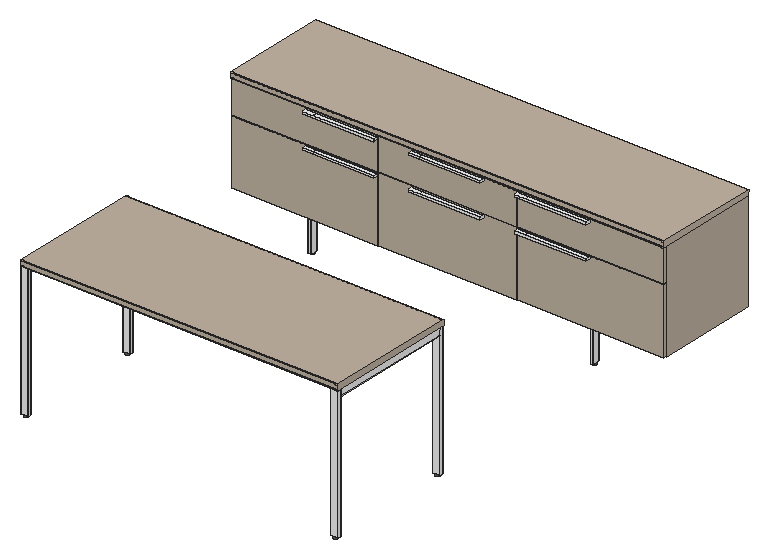
Revit family "FLT013", category Furniture, Revit 2015 (continued)
Definition of nested family "JSI-Flux- File_Strg_Crdnz_Fls_Lg"
  Automatic sketch dimensions
    plane 9 to curve 13 = 0' - 0"
    Extrusion 22 sketch curve to Extrusion 22 sketch curve = 0' - 6 11/16"
    Extrusion 24 sketch curve to Extrusion 24 sketch curve = 0' - 6 11/16"
    Extrusion 26 sketch curve to Extrusion 26 sketch curve = 1' - 6"
  Nested families (in)
    nested 1: "Bar Pull C_Long" at (-14.35519, -11.125, 27.48438), visible <- "L_Pull", Pull Finish <- "Pull Finish", Pull Lines <- "L_Pull", type "PL"
      with Pull Lines no, Pull Finish none
    nested 2: "Bar Pull C_Long" at (-14.35519, -11.125, 20.67188), visible <- "L_Pull", Pull Finish <- "Pull Finish", Pull Lines <- "L_Pull", type "PL"
      with Pull Lines no, Pull Finish none
    nested 3: "Bar Pull C_Long" at (8.69374, -11.125, 27.48438), visible <- "C_Pull", Pull Finish <- "Pull Finish", Pull Lines <- "C_Pull", type "PL"
      with Pull Lines no, Pull Finish none
    nested 4: "Bar Pull C_Long" at (8.69374, -11.125, 20.67188), visible <- "C_Pull", Pull Finish <- "Pull Finish", Pull Lines <- "C_Pull", type "PL"
      with Pull Lines no, Pull Finish none
    nested 5: "Bar Pull C_Long" at (31.74267, -11.125, 27.48438), visible <- "R_Pull", Pull Finish <- "Pull Finish", Pull Lines <- "R_Pull", type "PL"
      with Pull Lines no, Pull Finish none
    nested 6: "Bar Pull C_Long" at (31.74267, -11.125, 20.67188), visible <- "R_Pull", Pull Finish <- "Pull Finish", Pull Lines <- "R_Pull", type "PL"
      with Pull Lines no, Pull Finish none
    nested 7: "Label 1-16" at (11.93587, -11.25, 0), type "DRWCFG"
    nested 8: "LEGS" at (-19.99122, 10.6875, 0), LEGS <- "Legs", GLIDES <- "Glides", Width <- "Leg Width", Depth <- "Leg Depth", type "LG"
      with Width 5' - 3.85417", LG yes, LEGS none, GLIDES none, Depth 1' - 9 1/16"
  Definition of nested family "Bar Pull C_Long"
    Parameters
      Stud = Long Pull Width / 7  # 0' - 2.12261"
      Pull Lines [instance] = yes
      Long Pull Width = 1' - 2.85827"
      Pull Finish [instance] = none
    Reference planes (in)
      plane 1 "Center Front/Back": y = 0
      plane 2: z = 0
      plane 3 "Center Left/Right": x = 3.24213
      plane 4: y = -0.125
    Forms (in)
      Extrusion 1, solid, material <- "Pull Finish"
        sketch origin (0, 0, 0) x (1, 0, 0) y (0, 1, 0)
          loop
            line (-4.18701, 0) -> (-4.18701, -0.85113)
            arc (-4.18701, -0.85113) -> (-4.15955, -0.91742) -> (-4.09326, -0.94488) r 0.09375
            line (-4.09326, -0.94488) -> (10.59252, -0.94488)
            arc (10.59252, -0.94488) -> (10.6482, -0.92182) -> (10.67126, -0.86614) r 0.07874
            line (10.67126, -0.86614) -> (10.67126, 0) -> (8.54865, 0) -> (8.54865, -0.70177)
            arc (8.54865, -0.70177) -> (8.51204, -0.79016) -> (8.42365, -0.82677) r 0.125
            line (8.42365, -0.82677) -> (-1.9394, -0.82677)
            arc (-1.9394, -0.82677) -> (-2.02779, -0.79016) -> (-2.0644, -0.70177) r 0.125
            line (-2.0644, -0.70177) -> (-2.0644, 0) -> (-4.18701, 0)
        from -0.43307 to -0.11811
      Extrusion 2, solid, material <- "Pull Finish"
        sketch origin (0, 0, 0) x (1, 0, 0) y (0, 1, 0)
          loop
            line (-4.18701, 0) -> (-4.18701, -0.85113)
            arc (-4.18701, -0.85113) -> (-4.15955, -0.91742) -> (-4.09326, -0.94488) r 0.09375
            line (-4.09326, -0.94488) -> (10.59252, -0.94488)
            arc (10.59252, -0.94488) -> (10.6482, -0.92182) -> (10.67126, -0.86614) r 0.07874
            line (10.67126, -0.86614) -> (10.67126, 0) -> (-4.18701, 0)
        from 0 to -0.11811
    Cuts and joins
      joined: Extrusion 1, Extrusion 2
    Lines and regions (in)
      symbolic lines, visible <- "Pull Lines"
        curve 1: line (-4.18701, -0.125, 0) -> (-4.18701, -0.85113, 0)
        curve 2: line (-4.09326, -0.94488, 0) -> (10.59252, -0.94488, 0)
        curve 3: line (10.67126, -0.86614, 0) -> (10.67126, -0.125, 0)
        curve 4: arc (10.59252, -0.94488, 0) -> (10.6482, -0.92182, 0) -> (10.67126, -0.86614, 0) r 0.07874
        curve 5: arc (-4.18701, -0.85113, 0) -> (-4.15955, -0.91742, 0) -> (-4.09326, -0.94488, 0) r 0.09375
    Dimensions and locks (in)
      equal spacing: Extrusion 1 sketch curve, plane 3 "Center Left/Right", Extrusion 1 sketch curve
      "Stud": Extrusion 1 sketch curve to Extrusion 1 sketch curve  (x2)
      "Long Pull Width": Extrusion 1 sketch curve to Extrusion 1 sketch curve
      locked: plane 4 to plane 1 "Center Front/Back" at 0.125
      aligned and locked: level to plane 2
      aligned and locked: Extrusion 2 sketch curve to Extrusion 1  (x2)
      aligned and locked: cut or joined group of Extrusion 1, Extrusion 2 to curve 1
      aligned and locked: curve 4 to cut or joined group of Extrusion 1, Extrusion 2
      aligned and locked: curve 5 to cut or joined group of Extrusion 1, Extrusion 2
      aligned and locked: plane 4 to curve 1
      aligned and locked: plane 4 to curve 3
    Automatic sketch dimensions
      plane 1 "Center Front/Back" to Extrusion 2 sketch curve = 0' - 0"
      plane 1 "Center Front/Back" to Extrusion 1 sketch curve = 0' - 0"  (x2)
      Extrusion 1 sketch curve to Extrusion 1 sketch curve = 0' - 0 3/32"
      Extrusion 1 sketch curve to Extrusion 1 sketch curve = 0' - 0 1/8"  (x2)
      Extrusion 1 sketch curve to Extrusion 1 sketch curve = 0' - 0.07874"
      plane 4 to Extrusion 1 sketch curve = 0' - 0.57677"
      plane 4 to Extrusion 1 sketch curve = 0' - 0.72613"
  Definition of nested family "LEGS"
    Parameters
      Width [instance] = 2' - 6"
      LG [instance] = yes
      LEGS [instance] = none
      GLIDES [instance] = none
      Depth [instance] = 1' - 9 3/32"
    Reference planes (in)
      plane 1 "Center Front/Back": y = 0
      plane 2: z = 0
      plane 3 "Center Left/Right": x = 0
      plane 4: x = 30
      plane 5: y = -21.09375
      plane 6: x = 0.21441
      plane 7: x = 0.96441
      plane 8: x = 29.03125
      plane 9: x = 29.78125
      plane 10: z = 7.1875
      plane 11: y = -0.0625
      plane 12: y = -1.5625
      plane 13: y = -19.53125
      plane 14: y = -21.03125
      plane 15: y = -10.54687
      plane 16: x = 15
      plane 17: z = 0.30625
    Forms (in)
      Extrusion 1, solid, material <- "LEGS", visible <- "LG"
        sketch origin (0, 0, 0) x (1, 0, 0) y (0, 1, 0)
          loop
            arc (0.33941, -0.0625) -> (0.25102, -0.09911) -> (0.21441, -0.1875) r 0.125
            line (0.21441, -0.1875) -> (0.21441, -1.4375)
            arc (0.21441, -1.4375) -> (0.25102, -1.52589) -> (0.33941, -1.5625) r 0.125
            line (0.33941, -1.5625) -> (0.83941, -1.5625)
            arc (0.83941, -1.5625) -> (0.9278, -1.52589) -> (0.96441, -1.4375) r 0.125
            line (0.96441, -1.4375) -> (0.96441, -0.1875)
            arc (0.96441, -0.1875) -> (0.9278, -0.09911) -> (0.83941, -0.0625) r 0.125
            line (0.83941, -0.0625) -> (0.33941, -0.0625)
          loop
            arc (29.15625, -0.0625) -> (29.06786, -0.09911) -> (29.03125, -0.1875) r 0.125
            line (29.03125, -0.1875) -> (29.03125, -1.4375)
            arc (29.03125, -1.4375) -> (29.06786, -1.52589) -> (29.15625, -1.5625) r 0.125
            line (29.15625, -1.5625) -> (29.65625, -1.5625)
            arc (29.65625, -1.5625) -> (29.74464, -1.52589) -> (29.78125, -1.4375) r 0.125
            line (29.78125, -1.4375) -> (29.78125, -0.1875)
            arc (29.78125, -0.1875) -> (29.74464, -0.09911) -> (29.65625, -0.0625) r 0.125
            line (29.65625, -0.0625) -> (29.15625, -0.0625)
          loop
            arc (29.15625, -19.53125) -> (29.06786, -19.56786) -> (29.03125, -19.65625) r 0.125
            line (29.03125, -19.65625) -> (29.03125, -20.90625)
            arc (29.03125, -20.90625) -> (29.06786, -20.99464) -> (29.15625, -21.03125) r 0.125
            line (29.15625, -21.03125) -> (29.65625, -21.03125)
            arc (29.65625, -21.03125) -> (29.74464, -20.99464) -> (29.78125, -20.90625) r 0.125
            line (29.78125, -20.90625) -> (29.78125, -19.65625)
            arc (29.78125, -19.65625) -> (29.74464, -19.56786) -> (29.65625, -19.53125) r 0.125
            line (29.65625, -19.53125) -> (29.15625, -19.53125)
          loop
            arc (0.33941, -19.53125) -> (0.25102, -19.56786) -> (0.21441, -19.65625) r 0.125
            line (0.21441, -19.65625) -> (0.21441, -20.90625)
            arc (0.21441, -20.90625) -> (0.25102, -20.99464) -> (0.33941, -21.03125) r 0.125
            line (0.33941, -21.03125) -> (0.83941, -21.03125)
            arc (0.83941, -21.03125) -> (0.9278, -20.99464) -> (0.96441, -20.90625) r 0.125
            line (0.96441, -20.90625) -> (0.96441, -19.65625)
            arc (0.96441, -19.65625) -> (0.9278, -19.56786) -> (0.83941, -19.53125) r 0.125
            line (0.83941, -19.53125) -> (0.33941, -19.53125)
        from 0.30625 to 7.1875
      Extrusion 2, solid, material <- "LEGS", visible <- "LG"
        sketch origin (0, 0, 0) x (1, 0, 0) y (0, 0, 1)
          loop
            line (0.33941, 5.6875) -> (0.83941, 5.6875)
            arc (0.83941, 5.6875) -> (0.9278, 5.72411) -> (0.96441, 5.8125) r 0.125
            line (0.96441, 5.8125) -> (0.96441, 7.0625)
            arc (0.96441, 7.0625) -> (0.9278, 7.15089) -> (0.83941, 7.1875) r 0.125
            line (0.83941, 7.1875) -> (0.33941, 7.1875)
            arc (0.33941, 7.1875) -> (0.25102, 7.15089) -> (0.21441, 7.0625) r 0.125
            line (0.21441, 7.0625) -> (0.21441, 5.8125)
            arc (0.21441, 5.8125) -> (0.25102, 5.72411) -> (0.33941, 5.6875) r 0.125
          loop
            line (29.15625, 5.6875) -> (29.65625, 5.6875)
            arc (29.65625, 5.6875) -> (29.74464, 5.72411) -> (29.78125, 5.8125) r 0.125
            line (29.78125, 5.8125) -> (29.78125, 7.0625)
            arc (29.78125, 7.0625) -> (29.74464, 7.15089) -> (29.65625, 7.1875) r 0.125
            line (29.65625, 7.1875) -> (29.15625, 7.1875)
            arc (29.15625, 7.1875) -> (29.06786, 7.15089) -> (29.03125, 7.0625) r 0.125
            line (29.03125, 7.0625) -> (29.03125, 5.8125)
            arc (29.03125, 5.8125) -> (29.06786, 5.72411) -> (29.15625, 5.6875) r 0.125
        from 1.5625 to 19.53125
      Extrusion 3, solid, material <- "LEGS", visible <- "LG"
        sketch origin (0, 0, 0) x (0, 1, 0) y (0, 0, 1)
          loop
            line (-10.03125, 6.9375) -> (-11.0625, 6.9375)
            arc (-11.0625, 6.9375) -> (-11.15089, 6.90089) -> (-11.1875, 6.8125) r 0.125
            line (-11.1875, 6.8125) -> (-11.1875, 5.8125)
            arc (-11.1875, 5.8125) -> (-11.15089, 5.72411) -> (-11.0625, 5.6875) r 0.125
            line (-11.0625, 5.6875) -> (-10.03125, 5.6875)
            arc (-10.03125, 5.6875) -> (-9.94286, 5.72411) -> (-9.90625, 5.8125) r 0.125
            line (-9.90625, 5.8125) -> (-9.90625, 6.8125)
            arc (-9.90625, 6.8125) -> (-9.94286, 6.90089) -> (-10.03125, 6.9375) r 0.125
        from 0.96441 to 29.03125
      Extrusion 4, solid, material <- "GLIDES", visible <- "LG"
        sketch origin (0, 0, 0) x (1, 0, 0) y (0, 1, 0)
          loop
            circle (0.58941, -0.8125) r 0.375
          loop
            circle (0.58941, -20.25) r 0.375
          loop
            circle (29.41059, -0.8125) r 0.375
          loop
            circle (29.41059, -20.25) r 0.375
        from 0 to 0.30625
    Dimensions and locks (in)
      "Width": plane 3 "Center Left/Right" to plane 4
      "Depth": plane 1 "Center Front/Back" to plane 5
      plane 13 to plane 14 to plane 5 = 0' - 1 1/2" locked, 0' - 0 1/16" locked
      plane 1 "Center Front/Back" to plane 11 to plane 12 = 0' - 0 1/16" locked, 0' - 1 1/2" locked
      plane 3 "Center Left/Right" to plane 6 to plane 7 = 0' - 0.21441" locked, 0' - 0 3/4" locked
      plane 8 to plane 9 to plane 4 = 0' - 0 3/4" locked, 0' - 0 7/32" locked
      locked: plane 10 to Extrusion 2 sketch curve at 1.5  (x2)
      plane 10 to Extrusion 3 sketch curve to Extrusion 3 sketch curve = 0' - 0 1/4" locked, 0' - 1 1/4" locked
      equal spacing: plane 3 "Center Left/Right", plane 16, plane 4
      equal spacing: plane 5, plane 15, plane 1 "Center Front/Back"
      equal spacing: Extrusion 3 sketch curve, plane 15, Extrusion 3 sketch curve, locked at 0.64063 each
      locked: plane 13 to Extrusion 4 sketch curve at 0.71875  (x2)
      locked: Extrusion 4 sketch curve to plane 7 at 0.375  (x2)
      locked: Extrusion 4 sketch curve to plane 12 at 0.75  (x2)
      locked: plane 8 to Extrusion 4 sketch curve at 0.37934  (x2)
      plane 10 to plane 17 to plane 2 = 0' - 6.88125" locked, 0' - 0.30625" locked
      aligned and locked: level to plane 2
      aligned and locked: Extrusion 1 sketch curve to plane 11  (x2)
      aligned and locked: plane 6 to Extrusion 1 sketch curve
      aligned and locked: plane 12 to Extrusion 1 sketch curve  (x2)
      aligned and locked: Extrusion 1 sketch curve to plane 7  (x2)
      aligned and locked: plane 8 to Extrusion 1 sketch curve  (x2)
      aligned and locked: Extrusion 1 sketch curve to plane 9  (x2)
      aligned and locked: Extrusion 1 sketch curve to plane 13  (x2)
      aligned and locked: plane 14 to Extrusion 1 sketch curve  (x2)
      aligned and locked: Extrusion 2 sketch curve to plane 6
      aligned and locked: plane 7 to Extrusion 2 sketch curve
      aligned and locked: plane 10 to Extrusion 2 sketch curve  (x2)
      aligned and locked: Extrusion 2 sketch curve to plane 8
      aligned and locked: plane 9 to Extrusion 2 sketch curve
      aligned and locked: plane 10 to Extrusion 1
      aligned and locked: plane 12 to Extrusion 2
      aligned and locked: Extrusion 2 to plane 13
      aligned and locked: Extrusion 3 to plane 7
      aligned and locked: plane 8 to Extrusion 3
      aligned and locked: Extrusion 1 to plane 17
      aligned and locked: Extrusion 4 to level
      aligned and locked: plane 17 to Extrusion 4
    Automatic sketch dimensions
      Extrusion 1 sketch curve to plane 6 = 0' - 0"
      Extrusion 1 sketch curve to Extrusion 1 sketch curve = 0' - 0 1/8"  (x7)
      plane 6 to Extrusion 1 sketch curve = 0' - 0 1/8"  (x2)
      Extrusion 1 sketch curve to plane 7 = 0' - 0 1/8"  (x2)
      plane 8 to Extrusion 1 sketch curve = 0' - 0 1/8"  (x4)
      Extrusion 1 sketch curve to plane 9 = 0' - 0 1/8"
      plane 6 to Extrusion 2 sketch curve = 0' - 0 1/8"  (x2)
      Extrusion 2 sketch curve to plane 7 = 0' - 0 1/8"
      Extrusion 2 sketch curve to Extrusion 2 sketch curve = 0' - 0 1/8"  (x2)
      plane 8 to Extrusion 2 sketch curve = 0' - 0 1/8"  (x2)
      Extrusion 2 sketch curve to plane 9 = 0' - 0 1/8"
      Extrusion 3 sketch curve to Extrusion 3 sketch curve = 0' - 0 1/8"  (x3)
      Extrusion 3 sketch curve to Extrusion 3 sketch curve = 0' - 0"
      Extrusion 3 sketch curve to plane 15 = 0' - 0 41/64"
      radius of Extrusion 4 sketch curve = 0' - 0 3/8"  (x4)
  Definition of nested family "Label 1-16"
    Parameters
      Model Name = "LOW DOOR"
    Reference planes (in)
      plane 1: y = 0
      plane 2: x = 0
    Text (in)
      label "XX" at (0.00051, -0.12324, 0), shows "Model Name"
